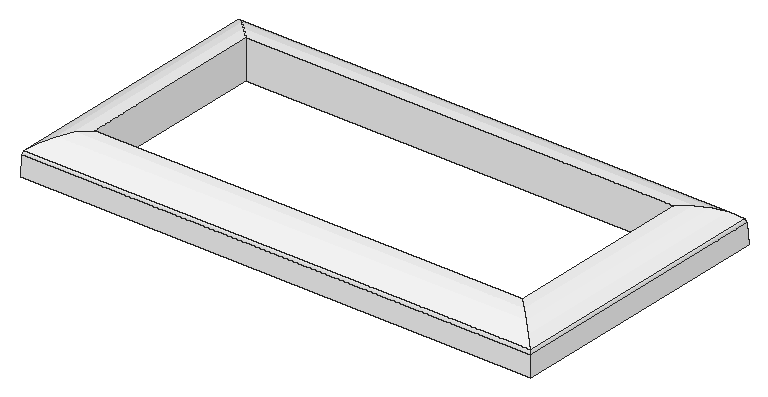
Revit family "Gira_100201", category Electrical Fixtures, host Face, Revit 2017
Family settings
  Host = Face
  Maintain Annotation Orientation = No
  Round Connector Dimension = Use Diameter
  Part Type = Normal
  Cut with Voids When Loaded = No
  Shared = No
  Room Calculation Point = No
Parameters (values of type "Abdeckrahmen 2f o.M. Standard 55 Cremeweiß")
  Werkstoffgüte = "Thermoplast"
  Werkstoff = "Kunststoff"
  URL = "http://katalog.gira.de/de_DE/datenblatt.html?artikelnr=100201"
  Transparent = "No"
  Textfeld/Beschriftungsfläche = "No"
  Schutzart (IP) = "IP20"
  Region = "DE"
  RAL-Nummer (ähnlich) = "1013 "
  Oberfläche = "sonstige"
  Name = "Abdeckrahmen 2f o.M. Standard 55 Cremeweiß"
  Montagerichtung = "horizontal und vertikal"
  Mit Montagerahmen = "No"
  Mit Klappdeckel = "No"
  Manufacturer URL = "https://www.gira.de/"
  Keynote = "Std55_Rahmen_2fach o. Mittelsteg"
  HeinzeBIM = "https://bimportal.heinze.de/bim/abdeckrahmen-2f-o-m-standard-55-cremeweiss/c859fcaffb61bed0bcc206b756359a9bbcb02874"
  Halogenfrei = "Yes"
  HAN = "100201"
  Geeignet für Unterputz-Installation = "Yes"
  Geeignet für Unterflurkanaldose = "No"
  Geeignet für Geräteeinbaukanal = "No"
  Geeignet für Einbauinstallation = "No"
  GTIN = "4010337002017"
  Farbe = "cremeweiß (elektroweiß)"
  Default Elevation = 1219.2 mm
  Data sheet (1) = "https://katalog.gira.de/de_DE/download.html?artikelnr=100201"
  Category = "Abdeckrahmen"
  Befestigungsart = "Klemmbefestigung"
  Available = "Yes"
  Ausführung der Oberfläche = "glänzend"
  Anzahl der Einheiten vertikal = "2 "
  Anzahl der Einheiten horizontal = "2 "
  Anzahl der Einheiten = "2 "
Reference planes
  plane 1 "Center (Front/Back)": y = 0
  plane 2: z = 0
  plane 3 "Center (Left/Right)": x = 0
  plane 4: y = -75.9
  plane 5: y = 75.9
  plane 6: x = -40.3
  plane 7: x = 40.3
Forms (mm)
  Sweep 1, solid, material "White", detail levels fine
    path origin (0, 0, 0) x (0, -1, 0) y (1, 0, 0)
      loop
        line (40.3, 75.9) -> (-40.3, 75.9) -> (-40.3, -75.9) -> (40.3, -75.9) -> (40.3, 75.9)
    profile origin (75.9, 0, 0) x (-1, 0, 0) y (0, 0, 1)
      loop
        arc (12.22, 11.373) -> (5.983, 10.294) -> (0.641, 6.901) r 16.145
        arc (0.641, 6.901) -> (0.395, 6.426) -> (0.309, 5.898) r 1.694
        line (0.309, 5.898) -> (0, 0) -> (12.319, 0) -> (12.22, 11.373)
  Extrusion 2, solid, material "White", detail levels coarse+medium
    sketch origin (0, 0, 0) x (0, -1, 0) y (1, 0, 0)
      loop
        line (40.3, 75.9) -> (-40.3, 75.9) -> (-40.3, -75.9) -> (40.3, -75.9) -> (40.3, 75.9)
    from 0 to 11.373
Dimensions and locks
  aligned and locked: plane 2 to host face
  aligned and locked: level to host face
